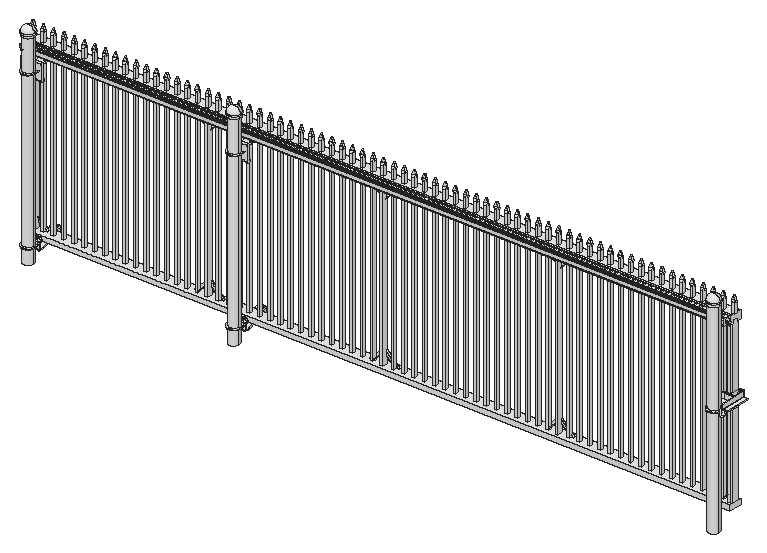
Revit family "Site-Fencing-Tymetal_Corp-Heavy_Duty_Cantilever_Slide_Gate-Ornamental", category Site, Revit 2015 (continued)
Definition of nested family "Fence - Hanger with Track"
  Definition of nested family "Fence - Hanger Plate"
    Forms (in)
      Extrusion 1, solid, material <- "Hanger Material"
        sketch origin (0, 0, 0) x (0, 1, 0) y (0, 0, 1)
          loop
            line (1.91542, 2.87906) -> (3.37705, 2.87906) -> (3.37705, 3.25406) -> (1.91542, 3.25406)
        from -4 to 4
      Extrusion 2, void
        sketch origin (0, 0, 0) x (1, 0, 0) y (0, 1, 0)
          loop
            line (-1.3125, 1.25105) -> (1.3125, 1.25105) -> (1.3125, 1.75)
            arc (1.3125, 1.75) -> (1.23928, 1.92678) -> (1.0625, 2) r 0.25
            line (1.0625, 2) -> (-1.0625, 2)
            arc (-1.0625, 2) -> (-1.23928, 1.92678) -> (-1.3125, 1.75) r 0.25
            line (-1.3125, 1.75) -> (-1.3125, 1.25105)
        from -3.24594 to 3.25406
      Extrusion 3, solid, material <- "Hanger Material"
        sketch origin (0, 0, 0) x (1, 0, 0) y (0, 1, 0)
          loop
            line (4, 3.37705) -> (4, 3.9375)
            arc (4, 3.9375) -> (3.79864, 4.42364) -> (3.3125, 4.625) r 0.6875
            line (3.3125, 4.625) -> (-3.3125, 4.625)
            arc (-3.3125, 4.625) -> (-3.79864, 4.42364) -> (-4, 3.9375) r 0.6875
            line (-4, 3.9375) -> (-4, 3.37705) -> (4, 3.37705)
        from 2.87906 to 3.25406
      Extrusion 4, solid, material <- "Hanger Material"
        sketch origin (0, 0, 0) x (1, 0, 0) y (0, 1, 0)
          loop
            arc (-3.5, 2.875) -> (-3.85355, 2.72855) -> (-4, 2.375) r 0.5
            line (-4, 2.375) -> (-4, 2.2293) -> (4, 2.2293) -> (4, 2.375)
            arc (4, 2.375) -> (3.85355, 2.72855) -> (3.5, 2.875) r 0.5
            line (3.5, 2.875) -> (-3.5, 2.875)
        from -3.24594 to -2.87094
      Sweep 5, solid, material <- "Hanger Material", detail levels fine
        path origin (-2.63501, 0.79388, 1.47707) x (0.464166, 0.563047, -0.683761) y (0.368983, 0.578872, 0.727158)
          loop
            line (2.15529, 0.14711) -> (2.15529, 3.82378)
        profile origin (-0.902, 3.15673, 1.44709) x (-0.464166, -0.563047, 0.683761) y (0.805234, -0.589818, 0.060938)
          loop
            circle (0, 0) r 0.25
      Sweep 6, solid, material <- "Hanger Material", detail levels fine
        path origin (2.63501, 0.79388, 1.47707) x (-0.464166, 0.563047, -0.683761) y (0.368983, -0.578872, -0.727158)
          loop
            line (2.15529, -0.14711) -> (2.15529, -3.82378)
        profile origin (0.902, 3.15673, 1.44709) x (-0.464166, 0.563047, -0.683761) y (-0.805234, -0.589818, 0.060938)
          loop
            circle (0, 0) r 0.25
    Cuts and joins
      Extrusion 2 cuts Extrusion 1
      joined: Extrusion 1, Extrusion 3, Extrusion 4
    Lines and regions (in)
      Masking region 1, detail levels coarse
        outline origin (0, 0, 0) x (1, 0, 0) y (0, 1, 0)
          loop
            line (-4, 4.625) -> (-4, 1.50105) -> (-1.3125, 1.50105) -> (-1.3125, 2) -> (1.3125, 2) -> (1.3125, 1.50105) -> (4, 1.50105) -> (4, 4.625) -> (-4, 4.625)
      Masking region 2, detail levels medium+fine
        outline origin (0, 0, 0) x (1, 0, 0) y (0, 1, 0)
          loop
            line (-4, 3.9375) -> (-4, 1.50105) -> (-1.3125, 1.50105) -> (-1.3125, 1.75)
            arc (-1.3125, 1.75) -> (-1.23928, 1.92678) -> (-1.0625, 2) r 0.25
            line (-1.0625, 2) -> (1.0625, 2)
            arc (1.0625, 2) -> (1.23928, 1.92678) -> (1.3125, 1.75) r 0.25
            line (1.3125, 1.75) -> (1.3125, 1.50105) -> (4, 1.50105) -> (4, 3.9375)
            arc (4, 3.9375) -> (3.79864, 4.42364) -> (3.3125, 4.625) r 0.6875
            line (3.3125, 4.625) -> (-3.3125, 4.625)
            arc (-3.3125, 4.625) -> (-3.79864, 4.42364) -> (-4, 3.9375) r 0.6875
    Dimensions and locks (in)
      locked: cut or joined group of Extrusion 1, Extrusion 2, Extrusion 3, Extrusion 4 to cut or joined group of Extrusion 1, Extrusion 2, Extrusion 3, Extrusion 4 at 8
      aligned and locked: cut or joined group of Extrusion 1, Extrusion 2, Extrusion 3, Extrusion 4 to cut or joined group of Extrusion 1, Extrusion 2, Extrusion 3, Extrusion 4  (x2)
      aligned and locked: Masking region 2 to cut or joined group of Extrusion 1, Extrusion 2, Extrusion 3, Extrusion 4
  Definition of nested family "Fence - Track Roller"
    Parameters
      Track Roller Material = none
      Track Height = 0' - 4"
    Reference planes (in)
      plane 1 "Center (Front/Back)": y = 0
      plane 2: z = 0
      plane 3 "Center (Left/Right)": x = 0
      plane 4: x = -4.42187
      plane 5: x = 4.42188
      plane 6: z = 2.5
      plane 7: y = 0.40625
      plane 8: y = -0.40625
      plane 9: z = 4
      plane 10: z = 2.375
      plane 11: y = 1.09674
      plane 12: y = -1.09674
      plane 13: y = 0.59674
      plane 14: y = -0.59674
      plane 15: z = 3.1875
      plane 16: x = -1.4375
      plane 17: x = 1.42187
      plane 18: z = -0.75
      plane 19: z = -0.1875
      plane 20: z = 0.1875
    Forms (in)
      Extrusion 1, solid, material <- "Track Roller Material"
        sketch origin (0, 0, 0) x (1, 0, 0) y (0, 0, 1)
          loop
            line (-3.73437, 2.5) -> (3.73438, 2.5) -> (3.73438, 2.75) -> (-3.73437, 2.75) -> (-3.73437, 2.5)
        from -0.40625 to 0.40625
      Extrusion 2, solid, material <- "Track Roller Material"
        sketch origin (0, 0, 0) x (1, 0, 0) y (0, 0, 1)
          loop
            line (-2.04089, 3.25) -> (-2.04089, 2.75) -> (2.04089, 2.75) -> (2.04089, 3.25) -> (-2.04089, 3.25)
        from -0.5 to 0.5
      Revolve 3, solid, material <- "Track Roller Material"
        sketch origin (0, 0, 0) x (1, 0, 0) y (0, 0, 1)
          loop
            line (-4.42188, 2.8125) -> (-3.26263, 2.8125) -> (-3.26263, 3.625) -> (-3.51263, 3.625) -> (-3.51263, 3.375) -> (-3.63763, 3.375) -> (-3.63763, 3.3125) -> (-4.42188, 3.3125) -> (-4.42188, 2.8125)
          axis (-3.26263, 3.625) -> (-3.26263, 2.8125)
        angle from 0 to 360
      Revolve 4, solid, material <- "Track Roller Material"
        sketch origin (0, 0, 0) x (-1, 0, 0) y (0, 0, 1)
          loop
            line (-4.42188, 2.8125) -> (-3.26263, 2.8125) -> (-3.26263, 3.625) -> (-3.51263, 3.625) -> (-3.51263, 3.375) -> (-3.63763, 3.375) -> (-3.63763, 3.3125) -> (-4.42188, 3.3125) -> (-4.42188, 2.8125)
          axis (-3.26263, 3.625) -> (-3.26263, 2.8125)
        angle from 0 to 360
      Revolve 5, solid, material <- "Track Roller Material"
        sketch origin (-1.4375, -180, 11.2214) x (0, 0, 1) y (0, -1, 0)
          loop
            line (-7.2214, -181.09674) -> (-7.2214, -180.59674) -> (-8.0339, -180.59674) -> (-8.0339, -181.09674) -> (-7.2214, -181.09674)
          axis (-8.0339, -181.09674) -> (-8.0339, -180.59674)
        angle from 0 to 360
      Revolve 6, solid, material <- "Track Roller Material"
        sketch origin (-1.4375, -180, 11.2214) x (0, 0, 1) y (0, -1, 0)
          loop
            line (-7.2214, -179.40326) -> (-7.2214, -178.90326) -> (-8.0339, -178.90326) -> (-8.0339, -179.40326) -> (-7.2214, -179.40326)
          axis (-8.0339, -179.40326) -> (-8.0339, -178.90326)
        angle from 0 to 360
      Revolve 7, solid, material <- "Track Roller Material"
        sketch origin (1.42187, -180, 11.2214) x (0, 0, 1) y (0, -1, 0)
          loop
            line (-7.2214, -181.09674) -> (-7.2214, -180.59674) -> (-8.0339, -180.59674) -> (-8.0339, -181.09674) -> (-7.2214, -181.09674)
          axis (-8.0339, -181.09674) -> (-8.0339, -180.59674)
        angle from 0 to 360
      Revolve 8, solid, material <- "Track Roller Material"
        sketch origin (1.42187, -180, 11.2214) x (0, 0, 1) y (0, -1, 0)
          loop
            line (-7.2214, -179.40326) -> (-7.2214, -178.90326) -> (-8.0339, -178.90326) -> (-8.0339, -179.40326) -> (-7.2214, -179.40326)
          axis (-8.0339, -179.40326) -> (-8.0339, -178.90326)
        angle from 0 to 360
      Extrusion 9, solid, material <- "Track Roller Material"
        sketch origin (0, 0, 0) x (1, 0, 0) y (0, 1, 0)
          loop
            circle (0, 0) r 0.375
        from -0.75 to 2.5
      Extrusion 10, solid, material <- "Track Roller Material"
        sketch origin (0, 0, 0) x (1, 0, 0) y (0, 1, 0)
          loop
            line (-0.625, 0.84674) -> (-0.625, 0.5) -> (0.625, 0.5) -> (0.625, 0.84674) -> (-0.625, 0.84674)
          loop
            line (-0.625, -0.84674) -> (0.625, -0.84674) -> (0.625, -0.5) -> (-0.625, -0.5) -> (-0.625, -0.84674)
        from 2.5 to 3.25
    Dimensions and locks (in)
      equal spacing: plane 4, plane 3 "Center (Left/Right)", plane 5
      locked: plane 4 to plane 5 at 8.84375
      "Track Height": plane 9 to level
      locked: Extrusion 1 sketch curve to plane 4 at 0.6875
      locked: plane 5 to Extrusion 1 sketch curve at 0.6875
      equal spacing: plane 7, plane 1 "Center (Front/Back)", plane 8
      locked: plane 7 to plane 8 at 0.8125
      locked: Extrusion 2 sketch curve to plane 4 at 2.38099
      locked: Extrusion 2 sketch curve to plane 6 at 0.75
      locked: Extrusion 1 sketch curve to plane 6 at 0.25
      Extrusion 2 to plane 1 "Center (Front/Back)" to Extrusion 2 = 0' - 0 1/2" locked, 0' - 0 1/2" locked
      locked: Revolve 3 sketch curve to plane 4 at 1.15924
      Revolve 3 sketch curve to Revolve 3 sketch curve to Revolve 3 sketch curve to Revolve 3 sketch curve to plane 6 = 0' - 0 1/4" locked, 0' - 0 1/16" locked, 0' - 0 1/2" locked, 0' - 0 5/16" locked
      locked: plane 5 to Extrusion 2 sketch curve at 2.38099
      Revolve 4 sketch curve to Revolve 4 sketch curve to Revolve 4 sketch curve to Revolve 4 sketch curve to plane 6 = 0' - 0 1/4" locked, 0' - 0 1/16" locked, 0' - 0 1/2" locked, 0' - 0 5/16" locked
      locked: plane 5 to Revolve 4 sketch curve at 1.15924
      locked: plane 16 to plane 4 at 2.98438
      locked: plane 17 to plane 5 at 3
      locked: plane 18 to plane 2 at 0.75
      plane 20 to level to plane 19 = 0' - 0 3/16" locked, 0' - 0 3/16" locked
      equal spacing: Extrusion 10 sketch curve, plane 3 "Center (Left/Right)", Extrusion 10 sketch curve  (x2)
      locked: Extrusion 10 sketch curve to Extrusion 10 sketch curve at 1.25  (x2)
      equal spacing: plane 13, Extrusion 10 sketch curve, plane 11
      locked: Extrusion 10 sketch curve to Extrusion 10 sketch curve at 0.34674  (x2)
      equal spacing: plane 9, plane 15, plane 10
      locked: plane 9 to plane 10 at 1.625
      locked: plane 6 to plane 10 at 0.125
      aligned and locked: Extrusion 1 sketch curve to plane 6
      aligned and locked: plane 7 to Extrusion 1
      aligned and locked: Extrusion 1 to plane 8
      aligned and locked: Extrusion 2 sketch curve to Extrusion 1
      aligned and locked: Revolve 5 sketch curve to plane 15
      aligned and locked: plane 11 to Revolve 5 sketch curve
      aligned and locked: plane 13 to Revolve 5 sketch curve
      aligned and locked: plane 9 to Revolve 5 sketch curve
      aligned and locked: plane 15 to Revolve 5 sketch curve
      aligned and locked: plane 14 to Revolve 6 sketch curve
      aligned and locked: plane 9 to Revolve 6 sketch curve
      aligned and locked: plane 12 to Revolve 6 sketch curve
      aligned and locked: plane 15 to Revolve 6 sketch curve
      aligned and locked: Revolve 6 sketch curve to plane 15
      aligned and locked: plane 6 to Extrusion 9
      aligned and locked: Extrusion 9 to plane 18
      aligned and locked: Extrusion 10 to plane 6
      aligned and locked: Extrusion 2 to Extrusion 10
    Automatic sketch dimensions
      Revolve 3 sketch curve to plane 4 = 0' - 0"
      plane 4 to Revolve 3 sketch curve = 0' - 0.78424"
      Revolve 3 sketch curve to Revolve 3 sketch curve = 0' - 0 1/8"
      Revolve 3 sketch curve to Revolve 3 sketch curve = 0' - 0 1/4"
      Revolve 3 sketch curve to plane 10 = 0' - 1.57152"
      plane 9 to Revolve 3 sketch curve = 0' - 1.16026"
      Revolve 4 sketch curve to plane 5 = 0' - 0"
      plane 5 to Revolve 4 sketch curve = 0' - 0.78424"
      Revolve 4 sketch curve to Revolve 4 sketch curve = 0' - 0 1/8"
      Revolve 4 sketch curve to Revolve 4 sketch curve = 0' - 0 1/4"
      plane 10 to Revolve 4 sketch curve = 0' - 1.57152"
      Revolve 4 sketch curve to plane 9 = 0' - 1.16026"
      Revolve 5 sketch curve to plane 11 = 0' - 2.87236"
      Revolve 5 sketch curve to plane 12 = 0' - 2.2029"
      Revolve 6 sketch curve to plane 11 = 0' - 2.87236"
      Revolve 6 sketch curve to Revolve 6 sketch curve = 0' - 2.2029"
      Revolve 7 sketch curve to plane 15 = 0' - 0"  (x2)
      Revolve 7 sketch curve to plane 11 = 0' - 0"
      Revolve 7 sketch curve to plane 9 = 0' - 0"
      Revolve 7 sketch curve to plane 13 = 0' - 0"
      plane 11 to Revolve 7 sketch curve = 0' - 2.87236"
      plane 12 to Revolve 7 sketch curve = 0' - 2.2029"
      Revolve 8 sketch curve to plane 12 = 0' - 0"
      Revolve 8 sketch curve to plane 15 = 0' - 0"  (x2)
      Revolve 8 sketch curve to plane 9 = 0' - 0"
      Revolve 8 sketch curve to plane 14 = 0' - 0"
      plane 11 to Revolve 8 sketch curve = 0' - 2.87236"
      Revolve 8 sketch curve to Revolve 8 sketch curve = 0' - 2.2029"
      plane 1 "Center (Front/Back)" to Extrusion 9 sketch curve = 0' - 0"
      Extrusion 9 sketch curve to plane 3 "Center (Left/Right)" = 0' - 0"
      Extrusion 10 sketch curve to plane 8 = 0' - 0 3/32"
      radius of Extrusion 9 sketch curve = 0' - 0 3/8"
Definition of nested family "Fence - Catch Assembly"
  Parameters
    Post Attachment Extension = 0' - 2"
    Gate Open Distance = 0' - 0"
    Catch Location = 0' - 0 3/4"
    Catch Assembly Location from Post = 0' - 2 3/8"
    Catch Assembly Finish = none
  Reference planes (in)
    plane 1 "Center (Front/Back)": y = 0
    plane 2: z = 0
    plane 3 "Center (Left/Right)": x = 0
    plane 4: through (1.76777, 1.76777, 48) normal (0.7071, -0.7071, 0)
  Dimensions and locks (in)
    "Catch Assembly Location from Post": nested 1 to plane 4
    locked: nested 3 to level at 1.375
    "Catch Location": nested 5 to nested 4
    "Gate Open Distance": nested 3 to nested 4
    locked: plane 3 "Center (Left/Right)" to nested 2 (angle 45.00°)
    locked: nested 2 to plane 1 "Center (Front/Back)" (angle 45.00°)
    aligned and locked: level to nested 2
    aligned and locked: nested 3 to nested 4
    aligned and locked: nested 5 to nested 1  (x2)
    aligned and locked: nested 4 to nested 3
  Nested families (in)
    nested 1: "Fence - Catch Plate" at (0, 0, 0), type "Fence - Assembly"
      with Post Radius 0' - 2 3/8"
    nested 2: "Fence - Post Bracket" at (0, 0, 0) x (-0.7071, -0.7071, 0) z (0, 0, 1), type "Fence - Post Bracket"
      with Extension Length 0' - 2"
    nested 3: "Fence - Assembly Latch" at (0.08073, -7.15212, 0), type "Fence - Assembly Latch"
    nested 4: "Fence - Catch" at (0.08073, -7.15212, 1.375), type "Fence - Catch"
    nested 5: "Fence - L Bracket" at (5.15273, -3.77712, 1.375), type "Fence - L Bracket"
  Definition of nested family "Fence - Catch Plate"
    Parameters
      Post Radius = 0' - 2"
      Catch Assembly Finish = none
    Reference planes (in)
      plane 1 "Center (Front/Back)": y = 0
      plane 2: z = 0
      plane 3 "Center (Left/Right)": x = 0
      plane 4: z = 1.375
      plane 5: z = -1.375
      plane 6: through (0.83969, -2.51907, 48) normal (0.7071, -0.7071, 0)
      plane 7: x = 2
      plane 8: y = 0.05806
      plane 9: y = -4.39262
      plane 10: y = -2.16728
      plane 11: y = -0.91728
      plane 12: y = -3.41728
      plane 13: x = 4.15273
    Forms (in)
      Extrusion 1, solid, material <- "Catch Assembly Finish", detail levels medium+fine
        sketch origin (0, 0, 0) x (1, 0, 0) y (0, 1, 0)
          loop
            line (0.35709, -4.39262) -> (5.66039, -4.39262) -> (6.16039, -3.89262) -> (6.16039, -0.44194) -> (5.66039, 0.05806) -> (4.39169, 0.05806)
            arc (4.39169, 0.05806) -> (4.20035, 0.09612) -> (4.03814, 0.2045) r 0.5
            line (4.03814, 0.2045) -> (3.8007, 0.44194) -> (2.51907, -0.83969) -> (2.34229, -0.66291)
            arc (2.34229, -0.66291) -> (2.41551, -0.83969) -> (2.34229, -1.01647) r 0.25
            line (2.34229, -1.01647) -> (1.01647, -2.34229)
            arc (1.01647, -2.34229) -> (0.83969, -2.41551) -> (0.66291, -2.34229) r 0.25
            line (0.66291, -2.34229) -> (0.83969, -2.51907) -> (-0.44194, -3.8007) -> (0.00354, -4.24618)
            arc (0.00354, -4.24618) -> (0.16575, -4.35456) -> (0.35709, -4.39262) r 0.5
        from 1.125 to 1.375
      Extrusion 2, solid, material <- "Catch Assembly Finish", detail levels medium+fine
        sketch origin (-1.76777, 1.76777, 0) x (0.707107, -0.707107, 0) y (0, 0, 1)
          loop
            line (4.125, 1) -> (4.125, -1)
            arc (4.125, -1) -> (4.23483, -1.26517) -> (4.5, -1.375) r 0.375
            line (4.5, -1.375) -> (4.87304, -1.375) -> (4.87304, -1.125) -> (4.5, -1.125)
            arc (4.5, -1.125) -> (4.41161, -1.08839) -> (4.375, -1) r 0.125
            line (4.375, -1) -> (4.375, 1)
            arc (4.375, 1) -> (4.41161, 1.08839) -> (4.5, 1.125) r 0.125
            line (4.5, 1.125) -> (4.875, 1.125) -> (4.875, 1.375) -> (4.5, 1.375)
            arc (4.5, 1.375) -> (4.23483, 1.26517) -> (4.125, 1) r 0.375
        from 1.1875 to 3
      Extrusion 3, solid, material <- "Catch Assembly Finish", detail levels medium+fine
        sketch origin (-1.76777, 1.76777, 0) x (0.707107, -0.707107, 0) y (0, 0, -1)
          loop
            arc (4.125, -1) -> (4.23483, -1.26517) -> (4.5, -1.375) r 0.375
            line (4.5, -1.375) -> (4.875, -1.375) -> (4.875, -1.125) -> (4.5, -1.125)
            arc (4.5, -1.125) -> (4.41161, -1.08839) -> (4.375, -1) r 0.125
            line (4.375, -1) -> (4.375, 1)
            arc (4.375, 1) -> (4.41161, 1.08839) -> (4.5, 1.125) r 0.125
            line (4.5, 1.125) -> (4.8803, 1.125) -> (4.8803, 1.375) -> (4.5, 1.375)
            arc (4.5, 1.375) -> (4.23483, 1.26517) -> (4.125, 1) r 0.375
            line (4.125, 1) -> (4.125, -1)
        from 1.1875 to 3
      Extrusion 4, solid, material <- "Catch Assembly Finish", detail levels medium+fine
        sketch origin (0, 0, 0) x (1, 0, 0) y (0, 1, 0)
          loop
            line (-0.2192, -4.02344) -> (0.22627, -4.02344) -> (4.02344, -0.22627) -> (4.02344, 0.2192) -> (3.8007, 0.44194) -> (2.51907, -0.83969) -> (2.34229, -0.66291)
            arc (2.34229, -0.66291) -> (2.41551, -0.83969) -> (2.34229, -1.01647) r 0.25
            line (2.34229, -1.01647) -> (1.01647, -2.34229)
            arc (1.01647, -2.34229) -> (0.83969, -2.41551) -> (0.66291, -2.34229) r 0.25
            line (0.66291, -2.34229) -> (0.83969, -2.51907) -> (-0.44194, -3.8007) -> (-0.2192, -4.02344)
        from -1.375 to -1.125
    Cuts and joins
      joined: Extrusion 1, Extrusion 2, Extrusion 3, Extrusion 4
    Lines and regions (in)
      Masking region 1, detail levels coarse
        outline origin (0, 0, 0) x (1, 0, 0) y (0, 1, 0)
          loop
            line (3.27037, 0.97227) -> (-0.97227, -3.27037) -> (0.14998, -4.39262) -> (6.16039, -4.39262) -> (6.16039, 0.05806) -> (4.18458, 0.05806) -> (3.27037, 0.97227)
      Masking region 2, detail levels medium+fine
        outline origin (0, 0, 0) x (1, 0, 0) y (0, 1, 0)
          loop
            line (0.35709, -4.39262) -> (5.66039, -4.39262) -> (6.16039, -3.89262) -> (6.16039, -0.44194) -> (5.66039, 0.05806) -> (4.39169, 0.05806)
            arc (4.39169, 0.05806) -> (4.20035, 0.09612) -> (4.03814, 0.2045) r 0.5
            line (4.03814, 0.2045) -> (3.27037, 0.97227) -> (1.98874, -0.30936) -> (2.34251, -0.66313)
            arc (2.34251, -0.66313) -> (2.41551, -0.83984) -> (2.34229, -1.01647) r 0.25
            line (2.34229, -1.01647) -> (1.01647, -2.34229)
            arc (1.01647, -2.34229) -> (0.83984, -2.41551) -> (0.66313, -2.34251) r 0.25
            line (0.66313, -2.34251) -> (0.30936, -1.98874) -> (-0.97227, -3.27037) -> (0.00354, -4.24618)
            arc (0.00354, -4.24618) -> (0.16575, -4.35456) -> (0.35709, -4.39262) r 0.5
    Dimensions and locks (in)
      equal spacing: plane 4, level, plane 5
      locked: plane 4 to plane 5 at 2.75
      "Post Radius": plane 3 "Center (Left/Right)" to plane 7
      equal spacing: plane 8, plane 10, plane 9
      aligned and locked: Extrusion 2 to Extrusion 1
      aligned and locked: Extrusion 4 to plane 5
      aligned and locked: Extrusion 4 to cut or joined group of Extrusion 1, Extrusion 2, Extrusion 3, Extrusion 4
    Automatic sketch dimensions
      plane 3 "Center (Left/Right)" to Extrusion 1 sketch curve = 0' - 0.35709"
      plane 3 "Center (Left/Right)" to Extrusion 1 sketch curve = 0' - 0.83969"
      Extrusion 1 sketch curve to Extrusion 1 sketch curve = 0' - 0"  (x10)
      plane 1 "Center (Front/Back)" to Extrusion 1 sketch curve = 0' - 0.83969"  (x2)
      Extrusion 1 sketch curve to Extrusion 1 sketch curve = 0' - 1.32583"
      plane 1 "Center (Front/Back)" to Extrusion 1 sketch curve = 0' - 1.01647"
      Extrusion 1 sketch curve to plane 1 "Center (Front/Back)" = 0' - 0.05806"
      Extrusion 1 sketch curve to Extrusion 1 sketch curve = 0' - 0.09192"
      plane 1 "Center (Front/Back)" to Extrusion 1 sketch curve = 0' - 3.89262"
      Extrusion 1 sketch curve to Extrusion 1 sketch curve = 0' - 0 1/2"  (x4)
      Extrusion 1 sketch curve to Extrusion 1 sketch curve = 0' - 0.35355"  (x2)
      plane 1 "Center (Front/Back)" to Extrusion 1 sketch curve = 0' - 0.44194"
      plane 3 "Center (Left/Right)" to Extrusion 1 sketch curve = 0' - 0.00354"
      Extrusion 1 sketch curve to Extrusion 1 sketch curve = 0' - 0.17678"  (x5)
      plane 1 "Center (Front/Back)" to Extrusion 1 sketch curve = 0' - 0.66291"
      Extrusion 2 sketch curve to Extrusion 2 sketch curve = 0' - 0"  (x8)
      Extrusion 2 sketch curve to plane 5 = 0' - 0"
      Extrusion 2 sketch curve to plane 4 = 0' - 0"
      Extrusion 2 sketch curve to Extrusion 2 sketch curve = 0' - 0.37304"
      Extrusion 3 sketch curve to Extrusion 3 sketch curve = 0' - 0"  (x8)
      plane 5 to Extrusion 3 sketch curve = 0' - 0"
      plane 4 to Extrusion 3 sketch curve = 0' - 0"
      plane 3 "Center (Left/Right)" to Extrusion 4 sketch curve = 0' - 0.22627"
      plane 3 "Center (Left/Right)" to Extrusion 4 sketch curve = 0' - 0.83969"
      Extrusion 4 sketch curve to Extrusion 4 sketch curve = 0' - 0"  (x7)
      plane 1 "Center (Front/Back)" to Extrusion 4 sketch curve = 0' - 0.83969"  (x2)
      Extrusion 4 sketch curve to Extrusion 4 sketch curve = 0' - 1.32583"  (x2)
      Extrusion 4 sketch curve to Extrusion 4 sketch curve = 0' - 0.35355"  (x2)
      Extrusion 4 sketch curve to plane 3 "Center (Left/Right)" = 0' - 0.2192"
      Extrusion 4 sketch curve to Extrusion 4 sketch curve = 0' - 0.17678"  (x4)
      plane 1 "Center (Front/Back)" to Extrusion 4 sketch curve = 0' - 0.66291"
      plane 1 "Center (Front/Back)" to Extrusion 4 sketch curve = 0' - 1.01647"
      Extrusion 4 sketch curve to plane 1 "Center (Front/Back)" = 0' - 0.2192"
      plane 1 "Center (Front/Back)" to Extrusion 4 sketch curve = 0' - 0.22627"
      plane 3 "Center (Left/Right)" to Masking region 1 sketch curve = 0' - 0.14998"
      Masking region 1 sketch curve to plane 1 "Center (Front/Back)" = 0' - 0.97227"
      plane 3 "Center (Left/Right)" to Masking region 2 sketch curve = 0' - 0.30936"
      plane 3 "Center (Left/Right)" to Masking region 2 sketch curve = 0' - 0.35709"  (x2)
      Masking region 2 sketch curve to Masking region 2 sketch curve = 0' - 0.35377"
      Masking region 2 sketch curve to Masking region 2 sketch curve = 0' - 0.17656"  (x2)
      plane 1 "Center (Front/Back)" to Masking region 2 sketch curve = 0' - 0.30936"
      Masking region 2 sketch curve to Masking region 2 sketch curve = 0' - 0.17678"  (x4)
      plane 1 "Center (Front/Back)" to Masking region 2 sketch curve = 0' - 0.66313"
      Masking region 2 sketch curve to Masking region 2 sketch curve = 0' - 0.62225"
      Masking region 2 sketch curve to Masking region 2 sketch curve = 0' - 0.177"  (x2)
      plane 3 "Center (Left/Right)" to Masking region 2 sketch curve = 0' - 0.00354"
      Masking region 2 sketch curve to Masking region 2 sketch curve = 0' - 0"  (x7)
      plane 1 "Center (Front/Back)" to Masking region 2 sketch curve = 0' - 1.01647"
      Extrusion 1 sketch curve to plane 3 "Center (Left/Right)" = 0' - 0.44194"
      Extrusion 1 sketch curve to plane 1 "Center (Front/Back)" = 0' - 0.2045"
      plane 5 to Extrusion 2 sketch curve = 0' - 0 3/8"
      Extrusion 2 sketch curve to Extrusion 2 sketch curve = 0' - 0 1/8"  (x2)
      Extrusion 2 sketch curve to Extrusion 2 sketch curve = 0' - 0 3/8"
      plane 5 to Extrusion 3 sketch curve = 0' - 0 3/8"
      Extrusion 3 sketch curve to Extrusion 3 sketch curve = 0' - 0 1/8"  (x2)
      Extrusion 3 sketch curve to Extrusion 3 sketch curve = 0' - 0 3/8"
      Extrusion 3 sketch curve to Extrusion 3 sketch curve = 0' - 0.3803"
      Extrusion 4 sketch curve to Extrusion 4 sketch curve = 0' - 0.22274"  (x2)
      Masking region 2 sketch curve to Masking region 2 sketch curve = 0' - 1.28163"
      Extrusion 1 sketch curve to Extrusion 1 sketch curve = 0' - 1.37356"
      Extrusion 4 sketch curve to Extrusion 4 sketch curve = 0' - 1.28163"
      plane 1 "Center (Front/Back)" to Masking region 2 sketch curve = 0' - 1.98874"
      Extrusion 1 sketch curve to Extrusion 1 sketch curve = 0' - 1.2687"
      Extrusion 1 sketch curve to plane 1 "Center (Front/Back)" = 0' - 0.44194"
      Extrusion 1 sketch curve to Extrusion 1 sketch curve = 0' - 1.28163"
      Extrusion 4 sketch curve to plane 1 "Center (Front/Back)" = 0' - 0.44194"
      plane 3 "Center (Left/Right)" to Masking region 2 sketch curve = 0' - 1.98874"
      Masking region 2 sketch curve to plane 1 "Center (Front/Back)" = 0' - 0.2045"
      Masking region 2 sketch curve to plane 3 "Center (Left/Right)" = 0' - 0.97227"
      Masking region 1 sketch curve to plane 3 "Center (Left/Right)" = 0' - 0.97227"
      Masking region 2 sketch curve to Masking region 2 sketch curve = 0' - 0.35355"
      Masking region 2 sketch curve to Masking region 2 sketch curve = 0' - 0 1/2"  (x3)
      plane 1 "Center (Front/Back)" to Masking region 2 sketch curve = 0' - 0.44194"
      Masking region 2 sketch curve to plane 1 "Center (Front/Back)" = 0' - 0.05806"
      Masking region 1 sketch curve to plane 1 "Center (Front/Back)" = 0' - 0.05806"
      Masking region 1 sketch curve to Masking region 1 sketch curve = 0' - 1.97581"
      plane 9 to Masking region 1 sketch curve = 0' - 0"
      plane 13 to Masking region 1 sketch curve = 0' - 0.88236"
      Masking region 2 sketch curve to Masking region 2 sketch curve = 0' - 1.2687"
  Definition of nested family "Fence - Post Bracket"
    Parameters
      Extension Length = 0' - 3"
      Bottom Guide Material = none
    Reference planes (in)
      plane 1 "Center (Front/Back)": y = 0
      plane 2: z = 0
      plane 3 "Center (Left/Right)": x = 0
    Forms (in)
      Sweep 1, solid, material <- "Bottom Guide Material", detail levels medium+fine
        path origin (0, 0, 0) x (1, 0, 0) y (0, 1, 0)
          loop
            line (-2.5, 3) -> (-2.5, 0)
            arc (-2.5, 0) -> (0, -2.5) -> (2.5, 0) r 2.5
            line (2.5, 0) -> (2.5, 3)
        profile origin (0, -2.5, 0) x (0, 1, 0) y (0, 0, 1)
          loop
            circle (0.25, 0) r 0.25
    Lines and regions (in)
      Masking region 1, detail levels medium+fine
        outline origin (0, 0, 0) x (1, 0, 0) y (0, 1, 0)
          loop
            line (-2.5, 3) -> (-2.5, 0)
            arc (-2.5, 0) -> (0, -2.5) -> (2.5, 0) r 2.5
            line (2.5, 0) -> (2.5, 3) -> (2, 3) -> (2, 0)
            arc (2, 0) -> (0, -2) -> (-2, 0) r 2
            line (-2, 0) -> (-2, 3) -> (-2.5, 3)
    Dimensions and locks (in)
      "Extension Length": plane 1 "Center (Front/Back)" to Sweep 1 sketch curve  (x2)
      locked: Masking region 1 sketch curve to Masking region 1 sketch curve at 0.5  (x2)
      aligned and locked: Masking region 1 sketch curve to Sweep 1  (x2)
    Automatic sketch dimensions
      Sweep 1 sketch curve to level = 0' - 0"
      Sweep 1 sketch curve to profile plane = 0' - 0 1/4"
      Masking region 1 sketch curve to Masking region 1 sketch curve = 0' - 0"
      plane 1 "Center (Front/Back)" to Masking region 1 sketch curve = 0' - 0"
      Masking region 1 sketch curve to plane 3 "Center (Left/Right)" = 0' - 0"
      Masking region 1 sketch curve to plane 3 "Center (Left/Right)" = 0' - 2"
      plane 1 "Center (Front/Back)" to Sweep 1 sketch curve = 0' - 0"
      Sweep 1 sketch curve to plane 3 "Center (Left/Right)" = 0' - 0"
      Sweep 1 sketch curve to plane 3 "Center (Left/Right)" = 0' - 2 1/2"
      radius of Sweep 1 sketch curve = 0' - 0 1/4"
  Definition of nested family "Fence - Assembly Latch"
    Parameters
      Post Radius = 0' - 2"
      Catch Assembly Finish = none
    Reference planes (in)
      plane 1 "Center (Front/Back)": y = 0
      plane 2: z = 0
      plane 3 "Center (Left/Right)": x = 0
      plane 4: z = 1.375
      plane 5: z = -1.375
      plane 6: y = 1.68749
      plane 7: y = -1.68749
      plane 8: x = 2.01605
    Forms (in)
      Extrusion 1, solid, material <- "Catch Assembly Finish", detail levels medium+fine
        sketch origin (0, 7.24613, 0) x (1, 0, 0) y (0, 1, 0)
          loop
            line (-2.14946, -3.49665) -> (-0.16054, -5.48551)
            arc (-0.16054, -5.48551) -> (-0.07946, -5.53963) -> (0.01615, -5.55863) r 0.25003
            line (0.01615, -5.55863) -> (2.01605, -5.55863) -> (2.01605, -8.93362) -> (-0.00593, -8.93362)
            arc (-0.00593, -8.93362) -> (-0.10155, -8.95262) -> (-0.18263, -9.00676) r 0.25
            line (-0.18263, -9.00676) -> (-2.17145, -10.99558) -> (-1.99467, -11.17235) -> (-0.00593, -9.18362) -> (2.01607, -9.18362)
            arc (2.01607, -9.18362) -> (2.19285, -9.1104) -> (2.26608, -8.93361) r 0.25001
            line (2.26608, -8.93361) -> (2.26608, -5.5586)
            arc (2.26608, -5.5586) -> (2.19286, -5.38185) -> (2.0161, -5.30863) r 0.24997
            line (2.0161, -5.30863) -> (0.01605, -5.30863) -> (-1.97269, -3.31988) -> (-2.14946, -3.49665)
        from 1.375 to 3.37491
    Lines and regions (in)
      Masking region 1, detail levels coarse
        outline origin (0, 7.24613, 0) x (1, 0, 0) y (0, 1, 0)
          loop
            line (-2.14946, -3.49665) -> (-0.08748, -5.55863) -> (2.01605, -5.55863) -> (2.01605, -8.93362) -> (-0.10949, -8.93362) -> (-2.17145, -10.99558) -> (-1.99467, -11.17235) -> (-0.00594, -9.18362) -> (2.26608, -9.18362) -> (2.26608, -5.30863) -> (0.01612, -5.30863) -> (-1.97266, -3.31985) -> (-2.14946, -3.49665)
      Masking region 2, detail levels medium+fine
        outline origin (0, 7.24613, 0) x (1, 0, 0) y (0, 1, 0)
          loop
            line (-2.14943, -3.49662) -> (-0.16065, -5.4854)
            arc (-0.16065, -5.4854) -> (-0.07953, -5.5396) -> (0.01615, -5.55863) r 0.25003
            line (0.01615, -5.55863) -> (2.01605, -5.55863) -> (2.01605, -8.93362) -> (-0.00593, -8.93362)
            arc (-0.00593, -8.93362) -> (-0.1016, -8.95265) -> (-0.18271, -9.00684) r 0.25
            line (-0.18271, -9.00684) -> (-2.17145, -10.99558) -> (-1.99467, -11.17236) -> (-0.00593, -9.18362) -> (2.01607, -9.18362)
            arc (2.01607, -9.18362) -> (2.19285, -9.1104) -> (2.26608, -8.93361) r 0.25001
            line (2.26608, -8.93361) -> (2.26608, -5.5586)
            arc (2.26608, -5.5586) -> (2.19286, -5.38185) -> (2.0161, -5.30863) r 0.24997
            line (2.0161, -5.30863) -> (0.01605, -5.30863) -> (-1.97269, -3.31989) -> (-2.14943, -3.49662)
    Dimensions and locks (in)
      equal spacing: plane 4, level, plane 5
      locked: plane 4 to plane 5 at 2.75
    Automatic sketch dimensions
      Extrusion 1 sketch curve to plane 3 "Center (Left/Right)" = 0' - 2.17145"
      Extrusion 1 sketch curve to plane 3 "Center (Left/Right)" = 0' - 2.14946"
      Extrusion 1 sketch curve to Extrusion 1 sketch curve = 0' - 0.17678"  (x4)
      Extrusion 1 sketch curve to plane 3 "Center (Left/Right)" = 0' - 0.18263"
      Extrusion 1 sketch curve to plane 3 "Center (Left/Right)" = 0' - 0.16054"
      Extrusion 1 sketch curve to plane 3 "Center (Left/Right)" = 0' - 0.00593"  (x2)
      Extrusion 1 sketch curve to Extrusion 1 sketch curve = 0' - 0"  (x4)
      plane 3 "Center (Left/Right)" to Extrusion 1 sketch curve = 0' - 0.01605"
      plane 3 "Center (Left/Right)" to Extrusion 1 sketch curve = 0' - 0.01615"
      plane 3 "Center (Left/Right)" to Extrusion 1 sketch curve = 0' - 2.01605"
      Extrusion 1 sketch curve to Extrusion 1 sketch curve = 0' - 0.00005"
      Extrusion 1 sketch curve to Extrusion 1 sketch curve = 0' - 0 1/4"
      Extrusion 1 sketch curve to Extrusion 1 sketch curve = 0' - 1.98873"
      Extrusion 1 sketch curve to Extrusion 1 sketch curve = 0' - 0.17686"
      Extrusion 1 sketch curve to Extrusion 1 sketch curve = 0' - 3.37498"
      Extrusion 1 sketch curve to Extrusion 1 sketch curve = 0' - 0.00003"  (x2)
      Extrusion 1 sketch curve to Extrusion 1 sketch curve = 0' - 0.07312"
      Extrusion 1 sketch curve to Extrusion 1 sketch curve = 0' - 1.98886"
      Masking region 1 sketch curve to Masking region 1 sketch curve = 0' - 0.25002"
      plane 3 "Center (Left/Right)" to Masking region 1 sketch curve = 0' - 0.01612"
      Masking region 1 sketch curve to plane 3 "Center (Left/Right)" = 0' - 0.00594"
      Masking region 1 sketch curve to plane 3 "Center (Left/Right)" = 0' - 0.08748"
      Masking region 1 sketch curve to plane 3 "Center (Left/Right)" = 0' - 0.10949"
      Masking region 1 sketch curve to plane 3 "Center (Left/Right)" = 0' - 1 249/256"
      Masking region 1 sketch curve to plane 3 "Center (Left/Right)" = 0' - 1.99467"
      Masking region 1 sketch curve to Masking region 1 sketch curve = 0' - 0.1768"
      Masking region 1 sketch curve to Masking region 1 sketch curve = 0' - 0.17678"  (x2)
      Masking region 1 sketch curve to Masking region 1 sketch curve = 0' - 3 3/8"
      Masking region 1 sketch curve to Masking region 1 sketch curve = 0' - 0 1/4"
      Masking region 2 sketch curve to Masking region 2 sketch curve = 0' - 0.24997"
      Masking region 2 sketch curve to Masking region 2 sketch curve = 0' - 0 1/4"
      Masking region 2 sketch curve to Masking region 2 sketch curve = 0' - 0"  (x3)
      plane 3 "Center (Left/Right)" to Masking region 2 sketch curve = 0' - 0.01615"
      Masking region 2 sketch curve to Masking region 2 sketch curve = 0' - 0.0001"
      Masking region 2 sketch curve to plane 3 "Center (Left/Right)" = 0' - 0.00593"
      Masking region 2 sketch curve to plane 3 "Center (Left/Right)" = 0' - 0.16065"
      Masking region 2 sketch curve to Masking region 2 sketch curve = 0' - 0.17678"  (x3)
      Masking region 2 sketch curve to Masking region 2 sketch curve = 0' - 3 3/8"
      Masking region 2 sketch curve to Masking region 2 sketch curve = 0' - 0.00003"
      Masking region 2 sketch curve to Masking region 2 sketch curve = 0' - 0.07323"
      Masking region 2 sketch curve to plane 3 "Center (Left/Right)" = 0' - 1.97269"
      Masking region 2 sketch curve to Masking region 2 sketch curve = 0' - 0.17674"
      Masking region 2 sketch curve to Masking region 2 sketch curve = 0' - 1.98874"
      plane 1 "Center (Front/Back)" to Extrusion 1 sketch curve = 0' - 3.92623"
      Masking region 1 sketch curve to plane 1 "Center (Front/Back)" = 0' - 3.92627"
      Masking region 1 sketch curve to Masking region 1 sketch curve = 0' - 1.99993"
      Masking region 2 sketch curve to Masking region 2 sketch curve = 0' - 1.9999"
      plane 7 to Masking region 2 sketch curve = 0' - 0"
  Definition of nested family "Fence - Catch"
    Parameters
      Catch Assembly Finish = none
    Reference planes (in)
      plane 1 "Center (Front/Back)": y = 0
      plane 2: z = 0
      plane 3 "Center (Left/Right)": x = 0
      plane 4: y = 1.25
      plane 5: y = -1.25
      plane 6: x = 4.16039
    Forms (in)
      Extrusion 1, solid, material <- "Catch Assembly Finish", detail levels medium+fine
        sketch origin (0, 7.23515, -1.375) x (1, 0, 0) y (0, 1, 0)
          loop
            line (0.03555, -5.17267) -> (3.78539, -5.17267) -> (3.78539, -9.29762) -> (0.03539, -9.29762)
            arc (0.03539, -9.29762) -> (-0.10812, -9.32617) -> (-0.22978, -9.40746) r 0.375
            line (-0.22978, -9.40746) -> (-2.04174, -11.21942) -> (-1.77657, -11.48458) -> (0.03539, -9.67262) -> (3.78542, -9.67262)
            arc (3.78542, -9.67262) -> (4.05063, -9.56277) -> (4.16048, -9.29756) r 0.37506
            line (4.16048, -9.29756) -> (4.16048, -5.17247)
            arc (4.16048, -5.17247) -> (4.05063, -4.90743) -> (3.78555, -4.79766) r 0.37492
            line (3.78555, -4.79766) -> (0.03542, -4.79766) -> (-1.77657, -2.98567) -> (-2.04169, -3.25078) -> (-0.22965, -5.06282)
            arc (-0.22965, -5.06282) -> (-0.10797, -5.14412) -> (0.03555, -5.17267) r 0.37506
        from 1.375 to 3.37491
    Lines and regions (in)
      Masking region 1, detail levels coarse
        outline origin (0, 7.23515, 0) x (1, 0, 0) y (0, 1, 0)
          loop
            line (4.16039, -4.79766) -> (0.03537, -4.79766) -> (-1.7766, -2.98569) -> (-2.04171, -3.2508) -> (-0.11984, -5.17267) -> (3.78539, -5.17267) -> (3.78539, -9.29762) -> (-0.11994, -9.29762) -> (-2.04174, -11.21942) -> (-1.77657, -11.48458) -> (0.0354, -9.67262) -> (4.16039, -9.67262) -> (4.16039, -4.79766)
      Masking region 2, detail levels medium+fine
        outline origin (0, 7.23515, 0) x (1, 0, 0) y (0, 1, 0)
          loop
            line (0.03542, -4.79766) -> (-1.77657, -2.98567) -> (-2.04169, -3.25078) -> (-0.22965, -5.06282)
            arc (-0.22965, -5.06282) -> (-0.10797, -5.14412) -> (0.03555, -5.17267) r 0.37506
            line (0.03555, -5.17267) -> (3.78539, -5.17267) -> (3.78539, -9.29762) -> (0.03539, -9.29762)
            arc (0.03539, -9.29762) -> (-0.10812, -9.32617) -> (-0.22978, -9.40746) r 0.375
            line (-0.22978, -9.40746) -> (-2.04174, -11.21942) -> (-1.77657, -11.48458) -> (0.03539, -9.67262) -> (3.78542, -9.67262)
            arc (3.78542, -9.67262) -> (4.05063, -9.56277) -> (4.16048, -9.29756) r 0.37506
            line (4.16048, -9.29756) -> (4.16048, -5.17247)
            arc (4.16048, -5.17247) -> (4.05063, -4.90743) -> (3.78555, -4.79766) r 0.37492
            line (3.78555, -4.79766) -> (0.03542, -4.79766)
  Definition of nested family "Fence - L Bracket"
    Parameters
      Catch Assembly Finish = none
    Reference planes (in)
      plane 1 "Center (Front/Back)": y = 0
      plane 2: z = 0
      plane 3 "Center (Left/Right)": x = 0
      plane 4: y = -4.875
      plane 5: y = 1.375
      plane 6: y = 3.875
      plane 7: y = 4.875
      plane 8: y = -1.375
      plane 9: y = -3.875
      plane 10: x = 1
      plane 11: x = -1
      plane 12: z = 0.99996
      plane 13: z = 0.25008
      plane 14: z = 1.99991
    Forms (in)
      Extrusion 1, solid, material <- "Catch Assembly Finish", detail levels medium+fine
        sketch origin (-5.16039, 4.79762, 0) x (1, 0, 0) y (0, 0, 1)
          loop
            line (4.53539, 0) -> (6.16039, 0) -> (6.16039, 0.25008) -> (4.53541, 0.25008)
            arc (4.53541, 0.25008) -> (4.44698, 0.2867) -> (4.41036, 0.37512) r 0.12505
            line (4.41036, 0.37512) -> (4.41036, 1.99991) -> (4.16039, 1.99991) -> (4.16039, 0.375)
            arc (4.16039, 0.375) -> (4.27022, 0.10983) -> (4.53539, 0) r 0.375
        from -0.07738 to 9.67262
    Lines and regions (in)
      Masking region 1
        outline origin (-5.16039, 4.79762, 0) x (1, 0, 0) y (0, 1, 0)
          loop
            line (4.16039, -9.67262) -> (6.16039, -9.67262) -> (6.16039, 0.07738) -> (4.16039, 0.07738) -> (4.16039, -9.67262)
      Masking region 2, detail levels medium+fine
        outline origin (-5.16039, 4.79762, -1.375) x (1, 0, 0) y (0, 1, 0)
          loop
            line (4.16039, -9.67262) -> (4.41036, -9.67262) -> (4.41036, 0.07738) -> (4.16039, 0.07738) -> (4.16039, -9.67262)
      Masking region 3, detail levels fine
        outline origin (0, 0, 0) x (1, 0, 0) y (0, 1, 0)
          loop
            arc (-0.21875, 1.375) -> (0, 1.15625) -> (0.21875, 1.375) r 0.21875
            line (0.21875, 1.375) -> (0.21875, 3.875)
            arc (0.21875, 3.875) -> (0, 4.09375) -> (-0.21875, 3.875) r 0.21875
            line (-0.21875, 3.875) -> (-0.21875, 1.375)
    Dimensions and locks (in)
      plane 7 to plane 6 to plane 5 = 0' - 1" locked, 0' - 2 1/2" locked
      equal spacing: plane 7, plane 1 "Center (Front/Back)", plane 4
      locked: plane 7 to plane 4 at 9.75
      equal spacing: plane 11, plane 3 "Center (Left/Right)", plane 10
      locked: plane 11 to plane 10 at 2
      plane 4 to plane 9 to plane 8 = 0' - 1" locked, 0' - 2 1/2" locked
      aligned and locked: plane 7 to Masking region 1
    Automatic sketch dimensions
      Masking region 1 sketch curve to plane 7 = 0' - 0"
      Masking region 1 sketch curve to plane 11 = 0' - 0"
      Masking region 1 sketch curve to plane 10 = 0' - 0"
      plane 4 to Masking region 1 sketch curve = 0' - 0"
      plane 11 to Extrusion 1 sketch curve = 0' - 0"
      Extrusion 1 sketch curve to level = 0' - 0"
      Extrusion 1 sketch curve to plane 10 = 0' - 0"
      Extrusion 1 sketch curve to plane 11 = 0' - 0.24997"
      Extrusion 1 sketch curve to Extrusion 1 sketch curve = 0' - 0.12503"
      Extrusion 1 sketch curve to Extrusion 1 sketch curve = 0' - 0"
      Extrusion 1 sketch curve to Extrusion 1 sketch curve = 0' - 0.25008"
      Masking region 2 sketch curve to plane 7 = 0' - 0"
      Masking region 2 sketch curve to plane 11 = 0' - 0"
      plane 4 to Masking region 2 sketch curve = 0' - 0"
      Masking region 2 sketch curve to Masking region 2 sketch curve = 0' - 0.24997"
      Extrusion 1 sketch curve to Extrusion 1 sketch curve = 0' - 1.62491"
      Masking region 3 sketch curve to plane 5 = 0' - 0"
      Masking region 3 sketch curve to plane 6 = 0' - 0"
      Masking region 3 sketch curve to plane 3 "Center (Left/Right)" = 0' - 0"
      Masking region 3 sketch curve to Masking region 3 sketch curve = 0' - 0 7/32"
Definition of nested family "Fence - Picket Panel"
  Parameters
    Show Top Picket = yes
    Picket Spacing = 0' - 3"
    Picket Space Calc = Picket Spacing  # 0' - 3"
    Picket Panel Count Calc = 5
    Picket Count Calc = Picket Count - 1  # 17
    Picket Height = 0' - 6"
    Picket Count = 18
    Nominal Gate Height = 6' - 6"
    Lower Cross Picket [instance] = yes
    Frame Width = 0' - 2"
    Picket Panel Length = 4' - 5.8"
    Height Above Grade = 0' - 5"
    Cross Brace Finish = none
  Reference planes (in)
    plane 1 "Center (Front/Back)": y = -0.25
    plane 2: z = 0
    plane 3 "Center (Left/Right)": x = -9.6
    plane 4: x = -36
    plane 5: x = 16.8
    plane 6: y = -0.5
    plane 7: y = 0
    plane 8: z = 70
    plane 9: z = 7
    plane 10: x = -31
    plane 11: x = 11.8
    plane 12: z = 78
    plane 13: z = 72
    plane 14: z = 5
    plane 15: z = 39
    plane 16: y = -0.75
    plane 17: y = -1.5
    plane 18: x = 17.8
    plane 19: x = 17.3
    plane 20: x = -36.5
    plane 21: x = -33.5
    plane 22: x = 14.3
    plane 23: x = 11.3
    plane 24: y = -1
    plane 25: x = -37
  Dimensions and locks (in)
    equal spacing: plane 7, plane 1 "Center (Front/Back)", plane 6
    plane 6 to plane 7 = 0' - 0 1/2"
    equal spacing: plane 5, plane 3 "Center (Left/Right)", plane 4
    plane 10 to plane 4 = 0' - 5"  (x3)
    plane 5 to plane 11 = 0' - 5"  (x3)
    equal spacing: plane 7, plane 16, plane 17
    "Nominal Gate Height": plane 12 to level
    plane 14 to level = 0' - 5"
    plane 9 to plane 14 = 0' - 2"
    "Frame Width": plane 13 to plane 8
    "Picket Height": plane 12 to plane 13
    plane 18 to plane 5 to plane 11 = 0' - 1" locked, 0' - 5" locked
    plane 10 to plane 4 to plane 25 = 0' - 5" locked, 0' - 1" locked
    equal spacing: plane 18, plane 19, plane 5
    locked: plane 4 to plane 20 at 0.5
    "Picket Panel Length": plane 19 to plane 20
    "Picket Space Calc": plane 21 to plane 20
    "Picket Space Calc": plane 22 to plane 19
    "Picket Space Calc": plane 23 to plane 22
    equal spacing: group 2, group 17, group 16, group 15, group 14, group 13, group 12, group 11, group 10, group 9, group 8, group 7, group 6, group 5, group 4, group 3, group 1
    equal spacing: group 1, group 3, group 4, group 5, group 6, group 7, group 8, group 9, group 10, group 11, group 12, group 13, group 14, group 15, group 16, group 17, group 2  (x2)
    equal spacing: plane 12, plane 15, level
    aligned and locked: nested 1 to plane 22
    aligned and locked: plane 9 to nested 1
    aligned and locked: plane 17 to nested 1
    aligned and locked: plane 21 to nested 2
    aligned and locked: nested 2 to plane 24
  Nested families (in)
    nested 1: "Fence - Picket" at (14.3, -1, 0), type "Fence - Picket"
      with Nominal Gate Height 6' - 6"
    nested 2: "Fence - Picket" at (-33.5, -1, 0), type "Fence - Picket"
      with Nominal Gate Height 6' - 6"
    nested 3: "Fence - Picket" at (11.3125, -1, 0), type "Fence - Picket"
      with Nominal Gate Height 6' - 6"
    nested 4: "Fence - Picket" at (8.325, -1, 0), type "Fence - Picket"
      with Nominal Gate Height 6' - 6"
    nested 5: "Fence - Picket" at (5.3375, -1, 0), type "Fence - Picket"
      with Nominal Gate Height 6' - 6"
    nested 6: "Fence - Picket" at (2.35, -1, 0), type "Fence - Picket"
      with Nominal Gate Height 6' - 6"
    nested 7: "Fence - Picket" at (-0.6375, -1, 0), type "Fence - Picket"
      with Nominal Gate Height 6' - 6"
    nested 8: "Fence - Picket" at (-3.625, -1, 0), type "Fence - Picket"
      with Nominal Gate Height 6' - 6"
    nested 9: "Fence - Picket" at (-6.6125, -1, 0), type "Fence - Picket"
      with Nominal Gate Height 6' - 6"
    nested 10: "Fence - Picket" at (-9.6, -1, 0), type "Fence - Picket"
      with Nominal Gate Height 6' - 6"
    nested 11: "Fence - Picket" at (-12.5875, -1, 0), type "Fence - Picket"
      with Nominal Gate Height 6' - 6"
    nested 12: "Fence - Picket" at (-15.575, -1, 0), type "Fence - Picket"
      with Nominal Gate Height 6' - 6"
    nested 13: "Fence - Picket" at (-18.5625, -1, 0), type "Fence - Picket"
      with Nominal Gate Height 6' - 6"
    nested 14: "Fence - Picket" at (-21.55, -1, 0), type "Fence - Picket"
      with Nominal Gate Height 6' - 6"
    nested 15: "Fence - Picket" at (-24.5375, -1, 0), type "Fence - Picket"
      with Nominal Gate Height 6' - 6"
    nested 16: "Fence - Picket" at (-27.525, -1, 0), type "Fence - Picket"
      with Nominal Gate Height 6' - 6"
    nested 17: "Fence - Picket" at (-30.5125, -1, 0), type "Fence - Picket"
      with Nominal Gate Height 6' - 6"
  Definition of nested family "Fence - Picket"
    Parameters
      Show Picket Top = yes
      Picket Width = 0' - 1"
      Picket Material = none
      Picket Length = 0' - 1"
      Picket Height Above Grade = 0' - 5"
      Picket Height = 0' - 6"
      Picket Cap Height = 0' 2 5/16" + 0' 0 15/256"  # 0' - 2 95/256"
      Nominal Gate Height = 8' - 0"
      Frame Height = 0' - 2"
    Reference planes (in)
      plane 1 "Center (Front/Back)": y = 0
      plane 2: z = 0
      plane 3 "Center (Left/Right)": x = 0
      plane 4: x = -0.5
      plane 5: x = 0.5
      plane 6: y = 0.5
      plane 7: y = -0.5
      plane 8: z = 93.62891
      plane 9: z = 96
      plane 10: z = 5
      plane 11: z = 90
      plane 12: z = 94.64844
      plane 13: z = 7
      plane 14: z = 88
    Forms (in)
      Extrusion 1, solid, material <- "Picket Material", visible <- "Show Picket Top", detail levels medium+fine
        sketch origin (0, 0, 0) x (1, 0, 0) y (0, 1, 0)
          loop
            line (-0.5, 0.5) -> (-0.5, -0.5) -> (0.5, -0.5) -> (0.5, 0.5) -> (-0.5, 0.5)
        from 90 to 93.62891
      Extrusion 2, solid, material <- "Picket Material"
        sketch origin (0, 0, 0) x (1, 0, 0) y (0, 1, 0)
          loop
            line (-0.5, 0.5) -> (-0.5, -0.5) -> (0.5, -0.5) -> (0.5, 0.5) -> (-0.5, 0.5)
        from 7 to 88
      Blend 3, solid, material <- "Picket Material", visible <- "Show Picket Top", detail levels medium+fine
        base sketch origin (0, 0, 0) x (1, 0, 0) y (0, 1, 0)
          loop
            line (-0.5, 0.5) -> (-0.5, -0.5) -> (0.5, -0.5) -> (0.5, 0.5) -> (-0.5, 0.5)
        top sketch origin (0, 0, 0) x (1, 0, 0) y (0, 1, 0)
          loop
            line (-0.5, 0.0625) -> (-0.5, -0.0625) -> (0.5, -0.0625) -> (0.5, 0.0625) -> (-0.5, 0.0625)
        from 93.62891 to 94.64844
      Extrusion 4, solid, material <- "Picket Material", visible <- "Show Picket Top", detail levels medium+fine
        sketch origin (0, 0, 0) x (1, 0, 0) y (0, 0, 1)
          loop
            arc (-0.54498, 93.72498) -> (-0.5118, 93.68197) -> (-0.5, 93.62895) r 0.125
            line (-0.5, 93.62895) -> (0.5, 93.62895)
            arc (0.5, 93.62895) -> (0.5118, 93.68197) -> (0.54498, 93.72498) r 0.125
            line (0.54498, 93.72498) -> (0.875, 94) -> (0.11626, 95.92092)
            arc (0.11626, 95.92092) -> (0, 96) -> (-0.11626, 95.92092) r 0.125
            line (-0.11626, 95.92092) -> (-0.875, 94) -> (-0.54498, 93.72498)
        from -0.125 to 0.125
      Extrusion 5, solid, material <- "Picket Material", visible <- "Show Picket Top", detail levels coarse
        sketch origin (0, 0, 0) x (1, 0, 0) y (0, 1, 0)
          loop
            line (-0.5, 0.5) -> (-0.5, -0.5) -> (0.5, -0.5) -> (0.5, 0.5) -> (-0.5, 0.5)
        from 90 to 96
    Cuts and joins
      joined: Extrusion 1, Blend 3, Extrusion 4
    Lines and regions (in)
      Masking region 1
        outline origin (0, 0, 0) x (1, 0, 0) y (0, 1, 0)
          loop
            line (-0.5, 0.5) -> (-0.5, -0.5) -> (0.5, -0.5) -> (0.5, 0.5) -> (-0.5, 0.5)
    Dimensions and locks (in)
      equal spacing: plane 4, plane 3 "Center (Left/Right)", plane 5
      "Picket Length": plane 4 to plane 5
      equal spacing: plane 6, plane 1 "Center (Front/Back)", plane 7
      "Picket Width": plane 6 to plane 7
      "Picket Cap Height": plane 9 to plane 8
      "Nominal Gate Height": plane 9 to level
      equal spacing: Blend 3 sketch curve, plane 1 "Center (Front/Back)", Blend 3 sketch curve
      locked: plane 1 "Center (Front/Back)" to Blend 3 sketch curve at 0.0625
      "Picket Height Above Grade": plane 10 to level
      "Picket Height": plane 9 to plane 11
      equal spacing: Blend 3 sketch curve, plane 3 "Center (Left/Right)", Blend 3 sketch curve
      locked: plane 12 to plane 8 at 1.01953
      equal spacing: Extrusion 4, plane 1 "Center (Front/Back)", Extrusion 4
      locked: Extrusion 4 to plane 1 "Center (Front/Back)" at 0.125
      locked: plane 13 to plane 10 at 2
      "Frame Height": plane 14 to plane 11
      aligned and locked: Extrusion 1 sketch curve to plane 6
      aligned and locked: plane 4 to Extrusion 1 sketch curve
      aligned and locked: plane 7 to Extrusion 1 sketch curve
      aligned and locked: Extrusion 1 sketch curve to plane 5
      aligned and locked: plane 8 to Extrusion 1
      aligned and locked: Extrusion 2 sketch curve to Extrusion 1  (x4)
      aligned and locked: Masking region 1 sketch curve to Extrusion 1  (x4)
      aligned and locked: Blend 3 sketch curve to plane 6
      aligned and locked: plane 7 to Blend 3 sketch curve
      aligned and locked: Blend 3 to plane 8
      aligned and locked: plane 4 to Blend 3 sketch curve  (x2)
      aligned and locked: Blend 3 sketch curve to plane 5
      aligned and locked: plane 12 to Blend 3
      aligned and locked: Extrusion 2 to plane 13
      aligned and locked: cut or joined group of Extrusion 1, Blend 3, Extrusion 4 to plane 11
      aligned and locked: plane 14 to Extrusion 2
      aligned and locked: Extrusion 5 sketch curve to Extrusion 2  (x4)
      aligned and locked: Extrusion 5 to plane 11
      aligned and locked: plane 9 to Extrusion 5
    Automatic sketch dimensions
      Extrusion 4 sketch curve to plane 4 = 0' - 0"
      Extrusion 4 sketch curve to plane 3 "Center (Left/Right)" = 0' - 0"
      Extrusion 4 sketch curve to plane 5 = 0' - 0"
      Extrusion 4 sketch curve to plane 4 = 0' - 0.04498"
      Extrusion 4 sketch curve to plane 9 = 0' - 0.07908"  (x2)
      Extrusion 4 sketch curve to plane 3 "Center (Left/Right)" = 0' - 0.11626"
      plane 5 to Extrusion 4 sketch curve = 0' - 0.04498"
      Extrusion 4 sketch curve to Extrusion 4 sketch curve = 0' - 0.04592"
      plane 8 to Extrusion 4 sketch curve = 0' - 0 95/256"  (x2)
      plane 8 to Extrusion 4 sketch curve = 0' - 0.09607"
      plane 8 to Extrusion 4 sketch curve = 0' - 0.00005"
      Extrusion 4 sketch curve to plane 4 = 0' - 0 3/8"
      Extrusion 4 sketch curve to Extrusion 4 sketch curve = 0' - 0.08002"
      plane 5 to Extrusion 4 sketch curve = 0' - 0 3/8"
Definition of nested family "Fence - Picket at Cross"
  Parameters
    Show Picket Top = yes
    Picket Width = 0' - 1"
    Picket Material = none
    Picket Length = 0' - 1"
    Picket Height Above Grade = 0' - 5"
    Picket Height = 0' - 6"
    Picket Cap Height = 0' 2 5/16" + 0' 0 15/256"  # 0' - 2 95/256"
    Nominal Gate Height = 8' - 0"
    Frame Height = 0' - 2"
  Reference planes (in)
    plane 1 "Center (Front/Back)": y = 0
    plane 2: z = 0
    plane 3 "Center (Left/Right)": x = 0
    plane 4: x = -0.5
    plane 5: x = 0.5
    plane 6: y = 0.5
    plane 7: y = -0.5
    plane 8: z = 93.62891
    plane 9: z = 96
    plane 10: z = 5
    plane 11: z = 90
    plane 12: z = 94.64844
    plane 13: y = 1
    plane 14: y = -1
    plane 15: z = 7
    plane 16: z = 48
    plane 17: z = 88
  Forms (in)
    Extrusion 1, solid, material <- "Picket Material", visible <- "Show Picket Top", detail levels medium+fine
      sketch origin (0, 0, 0) x (1, 0, 0) y (0, 1, 0)
        loop
          line (-0.5, 0.5) -> (-0.5, -0.5) -> (0.5, -0.5) -> (0.5, 0.5) -> (-0.5, 0.5)
      from 90 to 93.62891
    Extrusion 2, solid, material <- "Picket Material", visible <- "Show Picket Top", detail levels coarse
      sketch origin (0, 0, 0) x (1, 0, 0) y (0, 1, 0)
        loop
          line (-0.5, 0.5) -> (-0.5, -0.5) -> (0.5, -0.5) -> (0.5, 0.5) -> (-0.5, 0.5)
      from 90 to 96
    Blend 3, solid, material <- "Picket Material", visible <- "Show Picket Top", detail levels medium+fine
      base sketch origin (0, 0, 0) x (1, 0, 0) y (0, 1, 0)
        loop
          line (-0.5, 0.5) -> (-0.5, -0.5) -> (0.5, -0.5) -> (0.5, 0.5) -> (-0.5, 0.5)
      top sketch origin (0, 0, 0) x (1, 0, 0) y (0, 1, 0)
        loop
          line (-0.5, 0.0625) -> (-0.5, -0.0625) -> (0.5, -0.0625) -> (0.5, 0.0625) -> (-0.5, 0.0625)
      from 93.62891 to 94.64844
    Extrusion 4, solid, material <- "Picket Material", visible <- "Show Picket Top", detail levels medium+fine
      sketch origin (0, 0, 0) x (1, 0, 0) y (0, 0, 1)
        loop
          arc (-0.54498, 93.72498) -> (-0.5118, 93.68197) -> (-0.5, 93.62895) r 0.125
          line (-0.5, 93.62895) -> (0.5, 93.62895)
          arc (0.5, 93.62895) -> (0.5118, 93.68197) -> (0.54498, 93.72498) r 0.125
          line (0.54498, 93.72498) -> (0.875, 94) -> (0.11626, 95.92092)
          arc (0.11626, 95.92092) -> (0, 96) -> (-0.11626, 95.92092) r 0.125
          line (-0.11626, 95.92092) -> (-0.875, 94) -> (-0.54498, 93.72498)
      from -0.125 to 0.125
    Extrusion 5, solid, material <- "Picket Material"
      sketch origin (0, 0, 0) x (1, 0, 0) y (0, 1, 0)
        loop
          line (-0.5, 1) -> (-0.5, -1) -> (0.5, -1) -> (0.5, 1) -> (-0.5, 1)
      from 7 to 88
  Cuts and joins
    joined: Extrusion 1, Blend 3, Extrusion 4
  Lines and regions (in)
    Masking region 1
      outline origin (0, 0, 0) x (1, 0, 0) y (0, 1, 0)
        loop
          line (-0.5, 0.5) -> (-0.5, -0.5) -> (0.5, -0.5) -> (0.5, 0.5) -> (-0.5, 0.5)
  Dimensions and locks (in)
    equal spacing: plane 4, plane 3 "Center (Left/Right)", plane 5
    "Picket Length": plane 4 to plane 5
    equal spacing: plane 6, plane 1 "Center (Front/Back)", plane 7
    "Picket Width": plane 6 to plane 7
    "Picket Cap Height": plane 9 to plane 8
    "Nominal Gate Height": plane 9 to level
    equal spacing: Blend 3 sketch curve, plane 1 "Center (Front/Back)", Blend 3 sketch curve
    locked: plane 1 "Center (Front/Back)" to Blend 3 sketch curve at 0.0625
    "Picket Height Above Grade": plane 10 to level
    "Picket Height": plane 9 to plane 11
    equal spacing: Blend 3 sketch curve, plane 3 "Center (Left/Right)", Blend 3 sketch curve
    locked: plane 12 to plane 8 at 1.01953
    equal spacing: Extrusion 4, plane 1 "Center (Front/Back)", Extrusion 4
    locked: Extrusion 4 to plane 1 "Center (Front/Back)" at 0.125
    equal spacing: plane 13, plane 1 "Center (Front/Back)", plane 14
    locked: plane 13 to plane 14 at 2
    locked: plane 15 to plane 10 at 2
    "Frame Height": plane 11 to plane 17
    equal spacing: plane 9, plane 16, level
    aligned and locked: Extrusion 1 sketch curve to plane 6
    aligned and locked: plane 4 to Extrusion 1 sketch curve
    aligned and locked: plane 7 to Extrusion 1 sketch curve
    aligned and locked: Extrusion 1 sketch curve to plane 5
    aligned and locked: plane 8 to Extrusion 1
    aligned and locked: Extrusion 2 sketch curve to Extrusion 1  (x4)
    aligned and locked: plane 9 to Extrusion 2
    aligned and locked: Masking region 1 sketch curve to Extrusion 1  (x4)
    aligned and locked: Blend 3 sketch curve to plane 6
    aligned and locked: plane 7 to Blend 3 sketch curve
    aligned and locked: Blend 3 to plane 8
    aligned and locked: plane 4 to Blend 3 sketch curve  (x2)
    aligned and locked: Blend 3 sketch curve to plane 5
    aligned and locked: plane 12 to Blend 3
    aligned and locked: Extrusion 1 to plane 11
    aligned and locked: Extrusion 2 to plane 11
    aligned and locked: Extrusion 5 sketch curve to plane 13
    aligned and locked: plane 4 to Extrusion 5 sketch curve
    aligned and locked: plane 14 to Extrusion 5 sketch curve
    aligned and locked: Extrusion 5 sketch curve to plane 5
    aligned and locked: Extrusion 5 to plane 15
    aligned and locked: plane 17 to Extrusion 5
    aligned and locked: Extrusion 5 to plane 17
  Automatic sketch dimensions
    Extrusion 4 sketch curve to plane 4 = 0' - 0"
    Extrusion 4 sketch curve to plane 3 "Center (Left/Right)" = 0' - 0"
    Extrusion 4 sketch curve to plane 5 = 0' - 0"
    Extrusion 4 sketch curve to plane 4 = 0' - 0.04498"
    Extrusion 4 sketch curve to plane 9 = 0' - 0.07908"  (x2)
    Extrusion 4 sketch curve to plane 3 "Center (Left/Right)" = 0' - 0.11626"
    plane 5 to Extrusion 4 sketch curve = 0' - 0.04498"
    Extrusion 4 sketch curve to Extrusion 4 sketch curve = 0' - 0.04592"
    plane 8 to Extrusion 4 sketch curve = 0' - 0 95/256"  (x2)
    plane 8 to Extrusion 4 sketch curve = 0' - 0.09607"
    plane 8 to Extrusion 4 sketch curve = 0' - 0.00005"
    Extrusion 4 sketch curve to plane 4 = 0' - 0 3/8"
    Extrusion 4 sketch curve to Extrusion 4 sketch curve = 0' - 0.08002"
    plane 5 to Extrusion 4 sketch curve = 0' - 0 3/8"
Definition of nested family "Fence - Ornamental Cross Brace"
  Parameters
    Nominal Gate Height = 6' - 6"
    Frame Width = 0' - 3 3/16"
    Cross Brace Width = 0' - 0 1/2"  # constant formula
